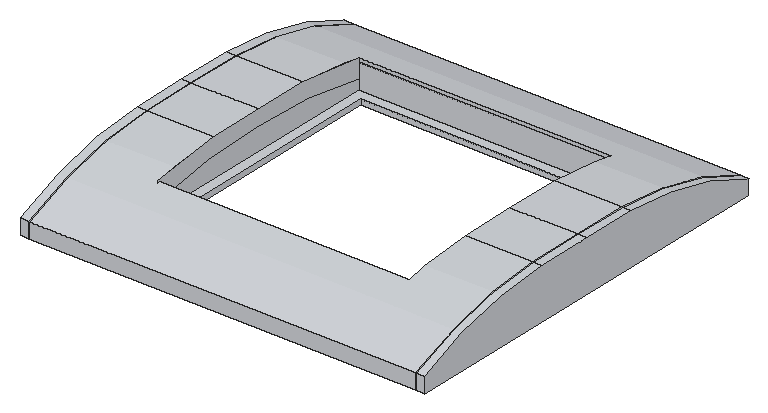
Revit family "Gira_100271", category Electrical Fixtures, host Face, Revit 2017
Family settings
  Host = Face
  Maintain Annotation Orientation = No
  Round Connector Dimension = Use Diameter
  Part Type = Normal
  Cut with Voids When Loaded = No
  Shared = No
  Room Calculation Point = No
Parameters (values of type "Abdeckrahmen 2f o.M. Zwischenr. F Alu Gira Event Reinweiß m")
  Werkstoffgüte = "Thermoplast"
  Werkstoff = "Kunststoff"
  URL = "http://katalog.gira.de/de_DE/datenblatt.html?artikelnr=100271"
  Transparent = "No"
  Textfeld/Beschriftungsfläche = "No"
  Schutzart (IP) = "IP20"
  Region = "DE"
  Oberfläche = "sonstige"
  Name = "Abdeckrahmen 2f o.M. Zwischenr. F Alu Gira Event Reinweiß m"
  Montagerichtung = "horizontal und vertikal"
  Mit Montagerahmen = "No"
  Mit Klappdeckel = "No"
  Manufacturer URL = "https://www.gira.de/"
  Keynote = "Event_Rahmen_2fach o.Mittelsteg"
  HeinzeBIM = "https://bimportal.heinze.de/bim/abdeckrahmen-2f-o-m-zwischenr-f-alu-gira-event-reinweiss-m/b24f9a1b9ae8a05a4fe4311ed8a0c94c12e4c7f7"
  Halogenfrei = "Yes"
  HAN = "100271"
  Geeignet für Unterputz-Installation = "Yes"
  Geeignet für Unterflurkanaldose = "No"
  Geeignet für Geräteeinbaukanal = "No"
  Geeignet für Einbauinstallation = "No"
  GTIN = "4010337002710"
  Farbe = "weiß"
  Default Elevation = 1219.2 mm
  Data sheet (1) = "https://katalog.gira.de/de_DE/download.html?artikelnr=100271"
  Category = "Abdeckrahmen"
  Befestigungsart = "Klemmbefestigung"
  Available = "Yes"
  Anzahl der Einheiten vertikal = "2 "
  Anzahl der Einheiten horizontal = "2 "
  Anzahl der Einheiten = "2 "
Reference planes
  plane 1 "Center (Front/Back)": y = 0
  plane 2: z = 0
  plane 3 "Center (Left/Right)": x = 0
Forms (mm)
  Extrusion 1, solid, detail levels fine
    sketch origin (0, 0, 1.55) x (0, 1, 0) y (0, 0, 1)
      loop
        arc (12.445, 9.683) -> (6.223, 9.833) -> (0, 9.85) r 291.636
        arc (0, 9.85) -> (-6.223, 9.833) -> (-12.445, 9.683) r 291.636
        arc (-12.445, 9.683) -> (-29.14, 7.482) -> (-45, 1.823) r 79.728
        line (-45, 1.823) -> (-45, -1.55) -> (-41.777, -1.55) -> (-41.777, -0.55)
        arc (-41.777, -0.55) -> (-21.205, 4.846) -> (0, 6.467) r 118.15
        arc (0, 6.467) -> (21.205, 4.846) -> (41.777, -0.55) r 118.15
        line (41.777, -0.55) -> (41.777, -1.55) -> (45, -1.55) -> (45, 1.823)
        arc (45, 1.823) -> (29.14, 7.482) -> (12.445, 9.683) r 79.728
    from -43 to 43
  Extrusion 2, void, detail levels fine
    sketch origin (0, 0, 0) x (1, 0, 0) y (0, 1, 0)
      loop
        line (-28, -28) -> (28, -28) -> (28, 28) -> (-28, 28) -> (-28, -28)
    from 2.85 to 12
  Extrusion 3, solid, detail levels coarse
    sketch origin (0, 0, 0) x (1, 0, 0) y (0, 1, 0)
      loop
        line (-45, 45) -> (-45, -45) -> (45, -45) -> (45, 45) -> (-45, 45)
    from 0 to 11.4
  Extrusion 4, solid, detail levels medium
    sketch origin (0, 0, 1.55) x (0, 1, 0) y (0, 0, 1)
      loop
        arc (12.445, 9.683) -> (6.223, 9.833) -> (0, 9.85) r 291.636
        arc (0, 9.85) -> (-6.223, 9.833) -> (-12.445, 9.683) r 291.636
        arc (-12.445, 9.683) -> (-29.14, 7.482) -> (-45, 1.823) r 79.728
        line (-45, 1.823) -> (-45, -1.55) -> (45, -1.55) -> (45, 1.823)
        arc (45, 1.823) -> (29.14, 7.482) -> (12.445, 9.683) r 79.728
    from -45 to 45
  Extrusion 5, solid, detail levels fine
    sketch origin (0, 0, 0) x (0, 1, 0) y (0, 0, 1)
      loop
        arc (45, 3.373) -> (29.14, 9.032) -> (12.445, 11.233) r 79.728
        arc (12.445, 11.233) -> (6.223, 11.383) -> (0, 11.4) r 291.636
        arc (0, 11.4) -> (-6.223, 11.383) -> (-12.445, 11.233) r 291.636
        arc (-12.445, 11.233) -> (-29.14, 9.032) -> (-45, 3.373) r 79.728
        line (-45, 3.373) -> (-45, 0) -> (45, 0) -> (45, 3.373)
    from 43 to 45
  Extrusion 6, solid, detail levels fine
    sketch origin (0, 0, 0) x (0, 1, 0) y (0, 0, -1)
      loop
        line (45, -3.373) -> (45, 0) -> (-45, 0) -> (-45, -3.373)
        arc (-45, -3.373) -> (-29.14, -9.032) -> (-12.445, -11.233) r 79.728
        arc (-12.445, -11.233) -> (-6.223, -11.383) -> (0, -11.4) r 291.636
        arc (0, -11.4) -> (6.223, -11.383) -> (12.445, -11.233) r 291.636
        arc (12.445, -11.233) -> (29.14, -9.032) -> (45, -3.373) r 79.728
    from 43 to 45
  Extrusion 7, solid, detail levels fine
    sketch origin (0, 0, 0) x (1, 0, 0) y (0, 1, 0)
      loop
        line (-25.7, 25.7) -> (-25.7, -25.7) -> (25.7, -25.7) -> (25.7, 25.7) -> (-25.7, 25.7)
      loop
        line (-29.495, 27.895) -> (-29.495, -27.895)
        spline (-29.495, -27.895) -> (-29.486, -28.025) -> (-29.461, -28.154) -> (-29.419, -28.278) -> (-29.361, -28.395) -> (-29.288, -28.504) -> (-29.202, -28.602) -> (-29.104, -28.688) -> (-28.995, -28.761) -> (-28.878, -28.819) -> (-28.754, -28.861) -> (-28.625, -28.886) -> (-28.495, -28.895)
        line (-28.495, -28.895) -> (28.495, -28.895)
        spline (28.495, -28.895) -> (28.625, -28.886) -> (28.754, -28.861) -> (28.878, -28.819) -> (28.995, -28.761) -> (29.104, -28.688) -> (29.202, -28.602) -> (29.288, -28.504) -> (29.361, -28.395) -> (29.419, -28.278) -> (29.461, -28.154) -> (29.486, -28.025) -> (29.495, -27.895)
        line (29.495, -27.895) -> (29.495, 27.895)
        spline (29.495, 27.895) -> (29.486, 28.025) -> (29.461, 28.154) -> (29.419, 28.278) -> (29.361, 28.395) -> (29.288, 28.504) -> (29.202, 28.602) -> (29.104, 28.688) -> (28.995, 28.761) -> (28.878, 28.819) -> (28.754, 28.861) -> (28.625, 28.886) -> (28.495, 28.895)
        line (28.495, 28.895) -> (-28.495, 28.895)
        spline (-28.495, 28.895) -> (-28.625, 28.886) -> (-28.754, 28.861) -> (-28.878, 28.819) -> (-28.995, 28.761) -> (-29.104, 28.688) -> (-29.202, 28.602) -> (-29.288, 28.504) -> (-29.361, 28.395) -> (-29.419, 28.278) -> (-29.461, 28.154) -> (-29.486, 28.025) -> (-29.495, 27.895)
    from 1.673 to 8.5
Cuts and joins
  Extrusion 2 cuts Extrusion 1
  Extrusion 2 cuts Extrusion 7
Dimensions and locks
  aligned and locked: plane 2 to host face
  aligned and locked: level to host face
